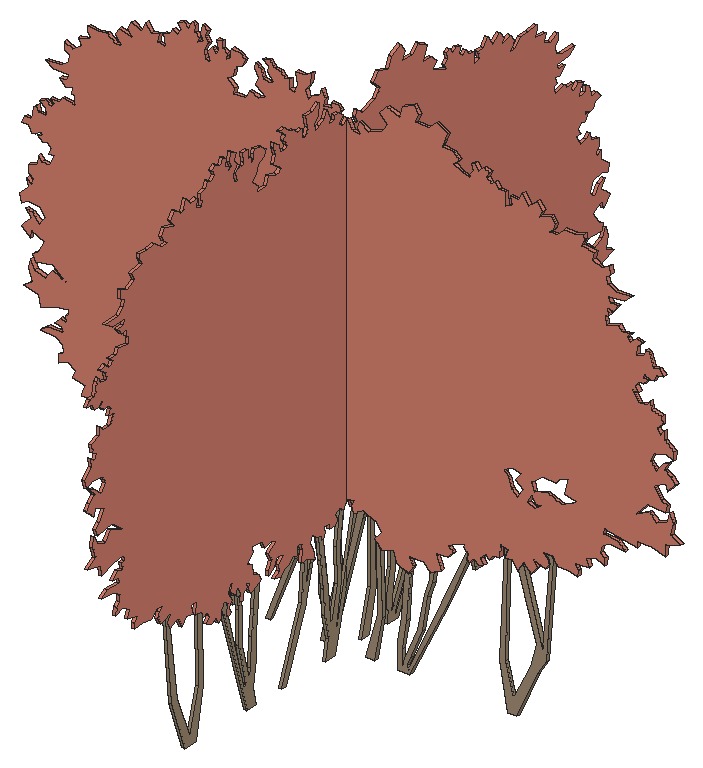
Revit family "남천", category 수목, Revit 2019 (continued)
Definition of nested family "남천_base"
  Lines and regions (mm)
    symbolic lines
      curve 340: line (-173.152, -270.115, 0) -> (-176.04, -282.885, 0)
      curve 341: line (-176.04, -282.885, 0) -> (-179.405, -295.488, 0)
      curve 342: line (-179.405, -295.488, 0) -> (-182.627, -307.18, 0)
      curve 343: line (-182.627, -307.18, 0) -> (-185.086, -317.215, 0)
      curve 344: line (-185.086, -317.215, 0) -> (-186.291, -325.041, 0)
      curve 345: line (-186.291, -325.041, 0) -> (-186.276, -330.872, 0)
      curve 346: line (-186.276, -330.872, 0) -> (-185.204, -335.116, 0)
      curve 347: line (-185.204, -335.116, 0) -> (-183.236, -338.18, 0)
      curve 348: line (-183.236, -338.18, 0) -> (-180.536, -340.47, 0)
      curve 349: line (-180.536, -340.47, 0) -> (-177.266, -342.394, 0)
      curve 350: line (-177.266, -342.394, 0) -> (-173.59, -344.359, 0)
      curve 351: line (-173.59, -344.359, 0) -> (-169.67, -346.771, 0)
      curve 352: line (-169.67, -346.771, 0) -> (-165.635, -349.909, 0)
      curve 353: line (-165.635, -349.909, 0) -> (-161.472, -353.535, 0)
      curve 354: line (-161.472, -353.535, 0) -> (-157.137, -357.28, 0)
      curve 355: line (-157.137, -357.28, 0) -> (-152.582, -360.778, 0)
      curve 356: line (-152.582, -360.778, 0) -> (-147.763, -363.662, 0)
      curve 357: line (-147.763, -363.662, 0) -> (-142.633, -365.564, 0)
      curve 358: line (-142.633, -365.564, 0) -> (-137.146, -366.116, 0)
      curve 359: line (-137.146, -366.116, 0) -> (-131.256, -364.952, 0)
      curve 360: line (-131.256, -364.952, 0) -> (-124.925, -361.849, 0)
      curve 361: line (-124.925, -361.849, 0) -> (-118.149, -357.158, 0)
      curve 362: line (-118.149, -357.158, 0) -> (-110.93, -351.378, 0)
      curve 363: line (-110.93, -351.378, 0) -> (-103.272, -345.007, 0)
      curve 364: line (-103.272, -345.007, 0) -> (-95.178, -338.541, 0)
      curve 365: line (-95.178, -338.541, 0) -> (-86.651, -332.478, 0)
      curve 366: line (-86.651, -332.478, 0) -> (-77.694, -327.316, 0)
      curve 367: line (-77.694, -327.316, 0) -> (-68.311, -323.551, 0)
      curve 368: line (-68.311, -323.551, 0) -> (-58.533, -321.523, 0)
      curve 369: line (-58.533, -321.523, 0) -> (-48.513, -320.935, 0)
      curve 370: line (-48.513, -320.935, 0) -> (-38.431, -321.333, 0)
      curve 371: line (-38.431, -321.333, 0) -> (-28.466, -322.263, 0)
      curve 372: line (-28.466, -322.263, 0) -> (-18.799, -323.27, 0)
      curve 373: line (-18.799, -323.27, 0) -> (-9.612, -323.899, 0)
      curve 374: line (-9.612, -323.899, 0) -> (-1.084, -323.696, 0)
      curve 375: line (-1.084, -323.696, 0) -> (6.605, -322.206, 0)
      curve 376: line (-62.794, -340.178, 0) -> (20.879, -374.868, 0)
      curve 377: line (20.879, -374.868, 0) -> (24.338, -414.761, 0)
      curve 378: line (24.338, -414.761, 0) -> (46.311, -349.785, 0)
      curve 379: line (46.311, -349.785, 0) -> (90.016, -448.284, 0)
      curve 380: line (90.016, -448.284, 0) -> (99.077, -419.784, 0)
      curve 381: line (99.077, -419.784, 0) -> (220.962, -448.11, 0)
      curve 382: line (220.962, -448.11, 0) -> (247.688, -374.985, 0)
      curve 383: line (247.688, -374.985, 0) -> (272.381, -379.763, 0)
      curve 384: line (272.381, -379.763, 0) -> (233.091, -309.909, 0)
      curve 385: line (233.091, -309.909, 0) -> (282.45, -221.463, 0)
      curve 386: line (282.45, -221.463, 0) -> (342.986, -243.208, 0)
      curve 387: line (342.986, -243.208, 0) -> (249.441, -123.086, 0)
      curve 388: line (249.441, -123.086, 0) -> (339.495, -143.389, 0)
      curve 389: line (339.495, -143.389, 0) -> (273.578, -96.56, 0)
      curve 390: line (273.578, -96.56, 0) -> (412.987, -108.265, 0)
      curve 391: line (412.987, -108.265, 0) -> (407.164, -71.836, 0)
      curve 392: line (407.164, -71.836, 0) -> (495.444, -50.742, 0)
      curve 393: line (495.444, -50.742, 0) -> (455.026, 5.316, 0)
      curve 394: line (455.026, 5.316, 0) -> (470.635, 35.872, 0)
      curve 395: line (470.635, 35.872, 0) -> (370.902, 38.002, 0)
      curve 396: line (370.902, 38.002, 0) -> (354.226, 143.564, 0)
      curve 397: line (354.226, 143.564, 0) -> (434.657, 197.75, 0)
      curve 398: line (434.657, 197.75, 0) -> (408.631, 202.091, 0)
      curve 399: line (408.631, 202.091, 0) -> (399.5, 269.189, 0)
      curve 400: line (399.5, 269.189, 0) -> (295.669, 235.228, 0)
      curve 401: line (295.669, 235.228, 0) -> (284.773, 305.401, 0)
      curve 402: line (284.773, 305.401, 0) -> (247.113, 265.311, 0)
      curve 403: line (247.113, 265.311, 0) -> (179.061, 315.112, 0)
      curve 404: line (179.061, 315.112, 0) -> (203.93, 389.15, 0)
      curve 405: line (203.93, 389.15, 0) -> (141.07, 378.23, 0)
      curve 406: line (141.07, 378.23, 0) -> (119.271, 444.467, 0)
      curve 407: line (119.271, 444.467, 0) -> (2.399, 394.559, 0)
      curve 408: line (2.399, 394.559, 0) -> (1.111, 406.549, 0)
      curve 409: line (1.111, 406.549, 0) -> (-36.89, 288.151, 0)
      curve 410: line (-36.89, 288.151, 0) -> (-142.979, 331.619, 0)
      curve 411: line (-142.979, 331.619, 0) -> (-179.526, 423.782, 0)
      curve 412: line (-179.526, 423.782, 0) -> (-205.779, 385.616, 0)
      curve 413: line (-205.779, 385.616, 0) -> (-259.36, 419.107, 0)
      curve 414: line (-259.36, 419.107, 0) -> (-293.135, 356.99, 0)
      curve 415: line (-293.135, 356.99, 0) -> (-330.363, 359.747, 0)
      curve 416: line (-330.363, 359.747, 0) -> (-247.045, 238.623, 0)
      curve 417: line (-247.045, 238.623, 0) -> (-324.399, 168.605, 0)
      curve 418: line (-324.399, 168.605, 0) -> (-407.397, 208.408, 0)
      curve 419: line (-407.397, 208.408, 0) -> (-338.362, 115.277, 0)
      curve 420: line (-338.362, 115.277, 0) -> (-436.25, 115.995, 0)
      curve 421: line (-436.25, 115.995, 0) -> (-334.975, 40.803, 0)
      curve 422: line (-334.975, 40.803, 0) -> (-451.005, 26.031, 0)
      curve 423: line (-451.005, 26.031, 0) -> (-405.333, -26.03, 0)
      curve 424: line (-405.333, -26.03, 0) -> (-413.203, -28.243, 0)
      curve 425: line (-413.203, -28.243, 0) -> (-359.717, -36.076, 0)
      curve 426: line (-359.717, -36.076, 0) -> (-354.803, -152.296, 0)
      curve 427: line (-354.803, -152.296, 0) -> (-439.005, -201.47, 0)
      curve 428: line (-439.005, -201.47, 0) -> (-392.322, -223.424, 0)
      curve 429: line (-392.322, -223.424, 0) -> (-408.942, -284.345, 0)
      curve 430: line (-408.942, -284.345, 0) -> (-325.495, -301.299, 0)
      curve 431: line (-325.495, -301.299, 0) -> (-338.476, -319.972, 0)
      curve 432: line (-338.476, -319.972, 0) -> (-196.871, -253.886, 0)
      curve 433: line (-196.871, -253.886, 0) -> (-247.964, -381.989, 0)
      curve 434: line (-247.964, -381.989, 0) -> (-184.282, -370.74, 0)
      curve 435: line (-184.282, -370.74, 0) -> (-137.014, -438.616, 0)
      curve 436: line (-137.014, -438.616, 0) -> (-62.794, -340.178, 0)
      curve 437: circle (0, 0, 0) r 21.737 normal (0, 0, 1)
      curve 438: line (-52.762, -377.019, 0) -> (-7.615, -395.736, 0)
      curve 439: line (-7.615, -395.736, 0) -> (6.721, -561.094, 0)
      curve 440: line (6.721, -561.094, 0) -> (50.111, -432.787, 0)
      curve 441: line (50.111, -432.787, 0) -> (94.685, -533.243, 0)
      curve 442: line (94.685, -533.243, 0) -> (119.401, -455.502, 0)
      curve 443: line (119.401, -455.502, 0) -> (240.148, -483.563, 0)
      curve 444: line (240.148, -483.563, 0) -> (267.212, -409.513, 0)
      curve 445: line (267.212, -409.513, 0) -> (330.656, -421.789, 0)
      curve 446: line (330.656, -421.789, 0) -> (267.696, -309.851, 0)
      curve 447: line (267.696, -309.851, 0) -> (296.337, -258.53, 0)
      curve 448: line (296.337, -258.53, 0) -> (430.795, -306.827, 0)
      curve 449: line (430.795, -306.827, 0) -> (325.088, -171.089, 0)
      curve 450: line (325.088, -171.089, 0) -> (479.668, -205.94, 0)
      curve 451: line (479.668, -205.94, 0) -> (381.053, -135.88, 0)
      curve 452: line (381.053, -135.88, 0) -> (448.885, -141.576, 0)
      curve 453: line (448.885, -141.576, 0) -> (441.392, -94.697, 0)
      curve 454: line (441.392, -94.697, 0) -> (546.285, -69.634, 0)
      curve 455: line (546.285, -69.634, 0) -> (490.303, 8.01, 0)
      curve 456: line (490.303, 8.01, 0) -> (519.43, 65.027, 0)
      curve 457: line (519.43, 65.027, 0) -> (396.784, 67.646, 0)
      curve 458: line (396.784, 67.646, 0) -> (387.048, 129.274, 0)
      curve 459: line (387.048, 129.274, 0) -> (514.384, 215.06, 0)
      curve 460: line (514.384, 215.06, 0) -> (435.545, 228.209, 0)
      curve 461: line (435.545, 228.209, 0) -> (424.532, 309.14, 0)
      curve 462: line (424.532, 309.14, 0) -> (320.051, 274.967, 0)
      curve 463: line (320.051, 274.967, 0) -> (305.116, 371.149, 0)
      curve 464: line (305.116, 371.149, 0) -> (243.393, 305.445, 0)
      curve 465: line (243.393, 305.445, 0) -> (214.712, 326.433, 0)
      curve 466: line (214.712, 326.433, 0) -> (248.681, 427.567, 0)
      curve 467: line (248.681, 427.567, 0) -> (161.595, 412.438, 0)
      curve 468: line (161.595, 412.438, 0) -> (137.665, 485.15, 0)
      curve 469: line (137.665, 485.15, 0) -> (28.06, 438.345, 0)
      curve 470: line (28.06, 438.345, 0) -> (15.914, 551.456, 0)
      curve 471: line (15.914, 551.456, 0) -> (-55.657, 328.466, 0)
      curve 472: line (-55.657, 328.466, 0) -> (-119.649, 354.686, 0)
      curve 473: line (-119.649, 354.686, 0) -> (-172.325, 487.522, 0)
      curve 474: line (-172.325, 487.522, 0) -> (-214.278, 426.531, 0)
      curve 475: line (-214.278, 426.531, 0) -> (-270.56, 461.71, 0)
      curve 476: line (-270.56, 461.71, 0) -> (-310.346, 388.538, 0)
      curve 477: line (-310.346, 388.538, 0) -> (-390.914, 394.505, 0)
      curve 478: line (-390.914, 394.505, 0) -> (-286.89, 243.278, 0)
      curve 479: line (-286.89, 243.278, 0) -> (-329.627, 204.594, 0)
      curve 480: line (-329.627, 204.594, 0) -> (-504.213, 288.319, 0)
      curve 481: line (-504.213, 288.319, 0) -> (-398.649, 145.91, 0)
      curve 482: line (-398.649, 145.91, 0) -> (-528.469, 146.862, 0)
      curve 483: line (-528.469, 146.862, 0) -> (-413.198, 61.278, 0)
      curve 484: line (-413.198, 61.278, 0) -> (-511.148, 48.808, 0)
      curve 485: line (-511.148, 48.808, 0) -> (-459.616, -9.932, 0)
      curve 486: line (-459.616, -9.932, 0) -> (-557.89, -37.564, 0)
      curve 487: line (-557.89, -37.564, 0) -> (-388.824, -62.325, 0)
      curve 488: line (-388.824, -62.325, 0) -> (-385.734, -135.399, 0)
      curve 489: line (-385.734, -135.399, 0) -> (-503.812, -204.356, 0)
      curve 490: line (-503.812, -204.356, 0) -> (-428.124, -239.949, 0)
      curve 491: line (-428.124, -239.949, 0) -> (-446.555, -307.51, 0)
      curve 492: line (-446.555, -307.51, 0) -> (-376.478, -321.747, 0)
      curve 493: line (-376.478, -321.747, 0) -> (-427.18, -394.686, 0)
      curve 494: line (-427.18, -394.686, 0) -> (-253.134, -313.46, 0)
      curve 495: line (-253.134, -313.46, 0) -> (-296.084, -421.148, 0)
      curve 496: line (-296.084, -421.148, 0) -> (-198.031, -403.826, 0)
      curve 497: line (-198.031, -403.826, 0) -> (-137.985, -490.051, 0)
      curve 498: line (-137.985, -490.051, 0) -> (-52.762, -377.019, 0)
  Dimensions and locks
    aligned and locked: level to plane 2
